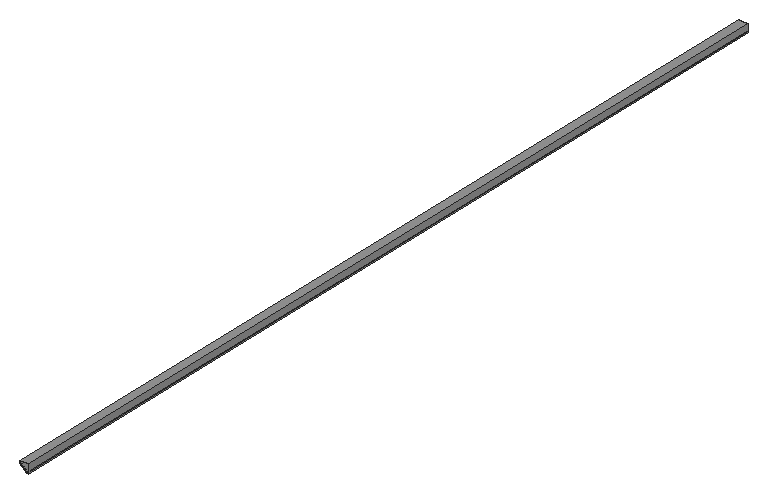
Revit family "CORNER_2000MM", category Lighting Fixtures, host Ceiling, Revit 2021
Family settings
  Host = Ceiling
  Round Connector Dimension = Use Diameter
  Part Type = Normal
  OmniClass Number = 23.80.70.11
  OmniClass Title = Luminaries for Internal Lighting
  Always vertical = Yes
  Cut with Voids When Loaded = No
  Light Source = Yes
  Shared = No
  Room Calculation Point = No
Parameters (values of type "Type 1")
  Wattage = 9.2903 W
  built-in parameter 1150110 = 1 (stored number, unit not read)
  Type de lampe = "Ruban LED"
  Type = "Profilé saillie + capot diffusant"
  built-in parameter 1114217 = 1 (stored number, unit not read)
  built-in parameter 1150109 = 1 (stored number, unit not read)
  built-in parameter 1150134 = (empty or 0)
  built-in parameter 1150113 = 1 (stored number, unit not read)
  Matériau = "Aluminium anodisé/Polycarbonate"
  Lumens = 1380 lm
  built-in parameter 1150115 = 1 (stored number, unit not read)
  built-in parameter 1150105 = 439.27 (stored number, unit not read)
  Light Source Symbol Size = 609.6 mm
  built-in parameter 1150137 = (empty or 0)
  built-in parameter 1150139 = (empty or 0)
  built-in parameter 1150112 = 1 (stored number, unit not read)
  built-in parameter 1150114 = 1 (stored number, unit not read)
  built-in parameter 1150132 = 2
  built-in parameter 1150102 = (empty or 0)
  built-in parameter 1150138 = (empty or 0)
  built-in parameter 1150107 = 3000 (stored number, unit not read)
  built-in parameter 1150106 = 4.3927 (stored number, unit not read)
  Fintion = "Gris aluminium"
  Emit from Line Length = 609.6 mm
  built-in parameter 1150104 = 13.8 (stored number, unit not read)
  Driver = "Driver externe"
  Dimming Lamp Color Temperature Shift = <None>
  Dimensions = "19x19 mm, L : 2000 mm"
  Diffuseur = "Polycarbonate satiné mat"
  Default Elevation = 0 mm
  Color Filter = 16777215
  built-in parameter 1114218 = 1 (stored number, unit not read)
  built-in parameter 1150133 = 10 (stored number, unit not read)
Reference planes
  plane 1 "Light Source Axis (F/B)": y = 0
  plane 2: z = 0
  plane 3 "Light Source Axis (L/R)": x = 0
  plane 4 "Ceiling": z = 4000
  plane 5 "Light Source Elevation": z = 4014.366
Forms (mm)
  Extrusion 1, solid, material "Aluminum, Anodized Grey"
    sketch origin (0, 0, 0) x (1, 0, 0) y (0, 0, 1)
      loop
        line (0, 4000) -> (-19, 4000) -> (-19, 3997) -> (-3, 3981) -> (0, 3981) -> (0, 4000)
    from -1000 to 1000
  Extrusion 2, solid, material "Glass, White, High Luminance"
    sketch origin (0, 0, 0) x (1, 0, 0) y (0, 0, 1)
      loop
        line (-3.555, 3980.445) -> (-1.943, 3982.057) -> (-17.888, 3998.001) -> (-19.584, 3996.474) -> (-3.555, 3980.445)
    from -1000 to 1000
Lines and regions (mm)
  reference lines
    curve 1: line (0, 0, 4000) -> (0, 9.5, 4000)
    curve 2: line (0, 0, 4000) -> (0, -9.5, 4000)
    curve 3: line (0, 0, 4000) -> (0, 0, 3981)
    curve 4: line (0, 0, 3981) -> (-19, 0, 3981)
    curve 5: line (-19, 0, 3981) -> (-19, 0, 4000)
    curve 6: line (0, 0, 4000) -> (0, 1000, 4000)
    curve 7: line (0, 0, 4000) -> (0, -1000, 4000)
Dimensions and locks
  equal spacing: host sketch curve, plane 3 "Light Source Axis (L/R)", host sketch curve
  equal spacing: host sketch curve, plane 1 "Light Source Axis (F/B)", host sketch curve
  host sketch curve to host sketch curve = 4000 mm  (x2)
  plane 4 "Ceiling" to host ceiling = 0 mm
